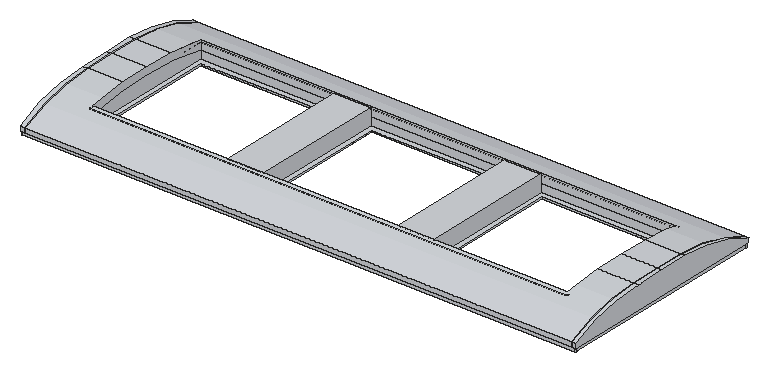
Revit family "Gira_021351", category Electrical Fixtures, host Face, Revit 2017
Family settings
  Host = Face
  Maintain Annotation Orientation = No
  Round Connector Dimension = Use Diameter
  Part Type = Normal
  Cut with Voids When Loaded = No
  Shared = No
  Room Calculation Point = No
Parameters (values of type "Cov.fr. 3-g interm.fr. CAl Gira Event Opaque mint")
  With mounting grid = "No"
  With hinged lid = "No"
  URL = "http://katalog.gira.de/en/datenblatt.html?artikelnr=021351"
  Type of fastening = "Clamp mounting"
  Transparent = "No"
  Surface protection = "Other"
  Suitable for wall duct = "No"
  Suitable for flush-mounted installation = "Yes"
  Suitable for floor box = "No"
  Suitable for built-in installation = "No"
  Number of units vertical = "3"
  Number of units horizontal = "3"
  Number of units = "3"
  Name = "Cov.fr. 3-g interm.fr. CAl Gira Event Opaque mint"
  Mounting direction = "Horizontal and vertical"
  Material quality = "Thermoplastic"
  Material = "Plastic"
  Manufacturer URL = "https://www.gira.de/"
  Manufacturer = "Gira"
  Label space/information surface = "No"
  Keynote = ""
  HeinzeBIM = "https://bimportal.heinze.de/bim/cov-fr-3-g-interm-fr-cal-gira-event-opaque-mint/16cc3cf058ca04887dbfc6fa21549d8925110e06"
  Halogen free = "Yes"
  HAN = "021351"
  GTIN = "4010337213512"
  Description = "Cov.fr.3g i.fr.CAl EvOp MI,Gira Event Opaque frames,mint with colour aluminium intermediate frame,3-gang,Features:,- Shatter-proof."
  Degree of protection (IP) = "IP20"
  Default Elevation = 1219.2 mm
  Data sheet (1) = "https://katalog.gira.de/en/download.html?artikelnr=021351"
  Colour = "Green"
  Category = "Cover frame for domestic switching devices"
  BIM (1) = "https://media.stage.bim.site/public/gira/36a6b08/Event_Rahmen_3fach.rfa"
  Available = "No"
Reference planes
  plane 1 "Center (Front/Back)": y = 0
  plane 2: z = 0
  plane 3 "Center (Left/Right)": x = 0
Forms (mm)
  Extrusion 1, solid, detail levels fine
    sketch origin (0, 0, 0.05) x (0, 1, 0) y (0, 0, 1)
      loop
        arc (12.445, 9.683) -> (6.223, 9.833) -> (0, 9.85) r 291.636
        arc (0, 9.85) -> (-6.223, 9.833) -> (-12.445, 9.683) r 291.636
        arc (-12.445, 9.683) -> (-29.14, 7.482) -> (-45, 1.823) r 79.728
        line (-45, 1.823) -> (-45, -0.05) -> (-42.086, -0.05)
        arc (-42.086, -0.05) -> (-21.385, 5.559) -> (0, 7.206) r 114.424
        arc (0, 7.206) -> (21.385, 5.559) -> (42.086, -0.05) r 114.424
        line (42.086, -0.05) -> (45, -0.05) -> (45, 1.823)
        arc (45, 1.823) -> (29.14, 7.482) -> (12.445, 9.683) r 79.728
    from -114.3 to 114.3
  Extrusion 2, void, detail levels fine
    sketch origin (0, 0, 0) x (1, 0, 0) y (0, 1, 0)
      loop
        line (-99.355, -28.053) -> (99.355, -28.053) -> (99.355, 28.053) -> (-99.355, 28.053) -> (-99.355, -28.053)
    from 0.724 to 11
  Extrusion 3, solid, detail levels coarse
    sketch origin (0, 0, 0) x (1, 0, 0) y (0, 1, 0)
      loop
        line (-116.3, 45) -> (-116.3, -45) -> (116.3, -45) -> (116.3, 45) -> (-116.3, 45)
    from -1.5 to 9.9
  Extrusion 4, solid, detail levels medium
    sketch origin (0, 0, 0.05) x (0, 1, 0) y (0, 0, 1)
      loop
        arc (12.445, 9.683) -> (6.223, 9.833) -> (0, 9.85) r 291.636
        arc (0, 9.85) -> (-6.223, 9.833) -> (-12.445, 9.683) r 291.636
        arc (-12.445, 9.683) -> (-29.14, 7.482) -> (-45, 1.823) r 79.728
        line (-45, 1.823) -> (-45, -0.05) -> (45, -0.05) -> (45, 1.823)
        arc (45, 1.823) -> (29.14, 7.482) -> (12.445, 9.683) r 79.728
    from -116.3 to 116.3
  Extrusion 5, solid, detail levels fine
    sketch origin (-71.3, 0, -1.5) x (0, 1, 0) y (0, 0, -1)
      loop
        line (45, -3.373) -> (45, -1.5) -> (-45, -1.5) -> (-45, -3.373)
        arc (-45, -3.373) -> (-29.14, -9.032) -> (-12.445, -11.233) r 79.728
        arc (-12.445, -11.233) -> (-6.223, -11.383) -> (0, -11.4) r 291.636
        arc (0, -11.4) -> (6.223, -11.383) -> (12.445, -11.233) r 291.636
        arc (12.445, -11.233) -> (29.14, -9.032) -> (45, -3.373) r 79.728
    from 43 to 45
  Extrusion 6, solid, detail levels fine
    sketch origin (0, 0, 0) x (1, 0, 0) y (0, 1, 0)
      loop
        line (-97.195, 25.7) -> (-97.195, -25.7) -> (-45.395, -25.7) -> (-45.395, 25.7) -> (-97.195, 25.7)
      loop
        line (25.9, -25.7) -> (25.9, 25.7) -> (-25.9, 25.7) -> (-25.9, -25.7) -> (25.9, -25.7)
      loop
        line (-100.19, 28.49) -> (-100.19, -28.495)
        spline (-100.19, -28.495) -> (-100.181, -28.625) -> (-100.156, -28.754) -> (-100.113, -28.878) -> (-100.056, -28.995) -> (-99.983, -29.104) -> (-99.897, -29.202) -> (-99.798, -29.288) -> (-99.69, -29.361) -> (-99.572, -29.419) -> (-99.448, -29.461) -> (-99.32, -29.486) -> (-99.19, -29.495)
        line (-99.19, -29.495) -> (99.195, -29.495)
        spline (99.195, -29.495) -> (99.325, -29.486) -> (99.454, -29.461) -> (99.578, -29.419) -> (99.695, -29.361) -> (99.804, -29.288) -> (99.902, -29.202) -> (99.988, -29.104) -> (100.061, -28.995) -> (100.119, -28.878) -> (100.161, -28.754) -> (100.186, -28.625) -> (100.195, -28.495)
        line (100.195, -28.495) -> (100.195, 28.49)
        spline (100.195, 28.49) -> (100.186, 28.62) -> (100.161, 28.748) -> (100.119, 28.872) -> (100.061, 28.99) -> (99.988, 29.098) -> (99.902, 29.197) -> (99.804, 29.283) -> (99.695, 29.356) -> (99.578, 29.413) -> (99.454, 29.456) -> (99.325, 29.481) -> (99.195, 29.49)
        line (99.195, 29.49) -> (-99.19, 29.49)
        spline (-99.19, 29.49) -> (-99.32, 29.481) -> (-99.448, 29.456) -> (-99.572, 29.413) -> (-99.69, 29.356) -> (-99.798, 29.283) -> (-99.897, 29.197) -> (-99.983, 29.098) -> (-100.056, 28.99) -> (-100.113, 28.872) -> (-100.156, 28.748) -> (-100.181, 28.62) -> (-100.19, 28.49)
      loop
        line (97.2, -25.7) -> (97.2, 25.7) -> (45.4, 25.7) -> (45.4, -25.7) -> (97.2, -25.7)
    from 0.1 to 7.3
  Extrusion 7, solid
    sketch origin (0, 0, 0) x (1, 0, 0) y (0, 1, 0)
      loop
        arc (-116, -44.2) -> (-115.854, -44.554) -> (-115.5, -44.7) r 0.5
        line (-115.5, -44.7) -> (115.5, -44.7)
        arc (115.5, -44.7) -> (115.854, -44.554) -> (116, -44.2) r 0.5
        line (116, -44.2) -> (116, 44.2)
        arc (116, 44.2) -> (115.854, 44.554) -> (115.5, 44.7) r 0.5
        line (115.5, 44.7) -> (-115.5, 44.7)
        arc (-115.5, 44.7) -> (-115.854, 44.554) -> (-116, 44.2) r 0.5
        line (-116, 44.2) -> (-116, -44.2)
      loop
        line (-114.3, 43) -> (-114.3, -43) -> (114.3, -43) -> (114.3, 43) -> (-114.3, 43)
    from -1.5 to 0.5
  Extrusion 8, solid, detail levels fine
    sketch origin (71.3, 0, -1.5) x (0, 1, 0) y (0, 0, 1)
      loop
        arc (45, 3.373) -> (29.14, 9.032) -> (12.445, 11.233) r 79.728
        arc (12.445, 11.233) -> (6.223, 11.383) -> (0, 11.4) r 291.636
        arc (0, 11.4) -> (-6.223, 11.383) -> (-12.445, 11.233) r 291.636
        arc (-12.445, 11.233) -> (-29.14, 9.032) -> (-45, 3.373) r 79.728
        line (-45, 3.373) -> (-45, 1.5) -> (45, 1.5) -> (45, 3.373)
    from 43 to 45
  Extrusion 9, solid, detail levels medium
    sketch origin (0, 0, 0) x (1, 0, 0) y (0, 1, 0)
      loop
        line (-116, -44.7) -> (116, -44.7) -> (116, 44.7) -> (-116, 44.7) -> (-116, -44.7)
    from -1.5 to 0.5
  Extrusion 10, solid, detail levels fine
    sketch origin (-34.207, 0, 0) x (1, 0, 0) y (0, 1, 0)
      loop
        line (-8.943, 28.063) -> (-8.943, -27.937) -> (6.057, -27.937) -> (6.057, 28.063) -> (-8.943, 28.063)
    from 0.724 to 7.566
  Extrusion 11, solid, detail levels fine
    sketch origin (34.207, 0, 0) x (-1, 0, 0) y (0, -1, 0)
      loop
        line (-8.943, -28.063) -> (6.057, -28.063) -> (6.057, 27.937) -> (-8.943, 27.937) -> (-8.943, -28.063)
    from 0.724 to 7.566
Cuts and joins
  Extrusion 2 cuts Extrusion 1
  Extrusion 2 cuts Extrusion 6
Dimensions and locks
  aligned and locked: plane 2 to host face
  aligned and locked: level to host face
